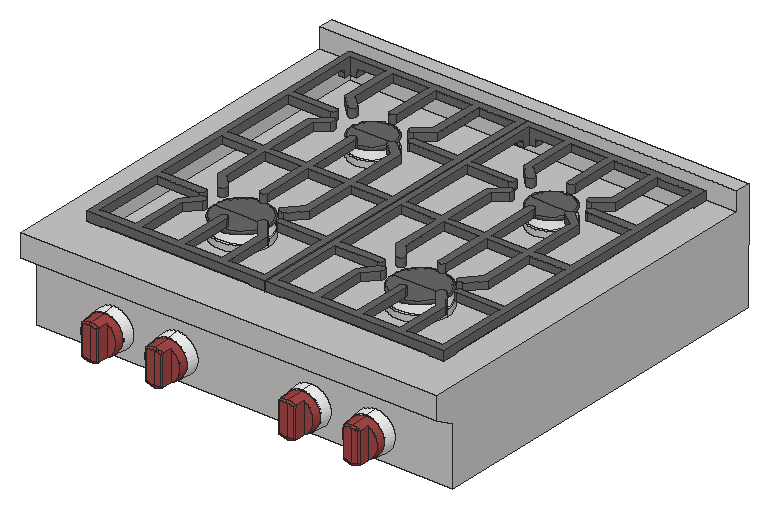
Revit family "M_Fogão de acendimento frontal-750 mm", category Equipamento especial, Revit 2019
Family settings
  Cota do conector redondo = Utilizar diâmetro
  Tipo de parte = Normal
  Número OmniClass = 23.40.40.14
  Título OmniClass = Food Service Equipment
  Com base no plano de trabalho = Não
  Sempre na vertical = Sim
  Corte com vazios quando carregada = Não
  Compartilhado = Não
  Ponto de cálculo do ambiente = Não
Parameters (values of type "Queimadores")
  Largura = 750 mm
  Deslocamento de parede = 0 mm
  Voltagem = 120 V
  Type Comments = ""
  Acabamento da moldura = Eletrodoméstico – Cromado
  Mostrar legenda = yes
  Consumo de energia = 500 VA
  Legenda = "Acendimento frontal"
  Botão = Eletrodoméstico – Plástico – Vermelho
  Altura = 200 mm
  Chapa = Eletrodoméstico – Aço inoxidável – Escovado
  Largura da grelha = (Largura - 107.95 mm) / 2  # 321.025 mm
  Profundidade da grelha = Linear - 109.438 mm  # 590.55 mm
  Descrição = "Acendimento frontal"
  Linear = 699.988 mm
  Queimador = Eletrodoméstico – Tampa do queimador
  Código de montagem = "E1090320"
  Acabamento do eletrodoméstico = Eletrodoméstico – Aço inoxidável – Semipolido
  Amperagem = Consumo de energia / Voltagem  # 4.16667 A
Reference planes
  plane 1 "Parte posterior": y = 0
  plane 2: z = 0
  plane 3 "Centro (Esquerda/Direita)": x = 0
  plane 4 "Esquerda": x = -375
  plane 5 "Direita": x = 375
  plane 6: y = 0
  plane 7 "Aresta": y = -699.988
  plane 8 "Traseira da porta": y = -615.988
  plane 9 "Superior": z = 200
  plane 10 "Queimador": z = 165
  plane 11 "Puxador": z = 0
  plane 12 "Botões": z = 44.725
  plane 13 "Face da porta": y = -663.988
  plane 14 "Rodas": y = -120
  plane 15: x = 319.438
  plane 16 "3": x = -322.612
  plane 17: x = 191.028
  plane 18: x = -194.202
  plane 19: x = -375
  plane 20: x = -65.792
  plane 21: x = 62.618
  plane 22: x = -235.3
  plane 23: x = -119.909
  plane 24: x = 235.3
  plane 25: x = 119.909
  plane 26: x = 101.334
  plane 27: z = 133.06
  plane 28: x = -375
  plane 29: x = 0
  plane 30: y = -953.988
  plane 31: x = 283.369
  plane 32 "1": x = -108.596
  plane 33: x = 127.413
  plane 34 "2": x = 105.421
  plane 35: x = 193.675
  plane 36: x = -20.406
  plane 37: x = 17.231
  plane 38: x = 63.5
Forms (mm)
  Extrusion 1, void
    sketch origin (0, 0, 200) x (-1, 0, 0) y (0, -1, 0)
      loop
        line (322.612, 25.4) -> (322.612, 615.988) -> (-319.438, 615.988) -> (-319.438, 25.4) -> (322.612, 25.4)
    from 0 to -66.94
  Extrusion 2, solid, material "Eletrodoméstico – Aço inoxidável – Semipolido" <- "Acabamento do eletrodoméstico"
    sketch origin (0, 0, 0) x (0, 1, 0) y (0, 0, 1)
      loop
        line (-25.4, 200) -> (-25.4, 165) -> (-699.988, 165) -> (-699.988, 125) -> (-663.988, 105) -> (-663.988, 0) -> (0, 0) -> (0, 200) -> (-25.4, 200)
    from -375 to 375
Cuts and joins
  Extrusion 1 cuts Extrusion 2
Lines and regions (mm)
  Split face 1
    outline origin (375, -663.988, 0) x (0, 1, 0) y (-1, 0, 0)
      loop
        circle (605.234, 64.794) r 12.7
  Split face 2
    outline origin (375, -663.988, 0) x (0, 1, 0) y (-1, 0, 0)
      loop
        circle (606.533, 159.345) r 12.7
Dimensions and locks
  equal spacing: plane 4 "Esquerda", plane 3 "Centro (Esquerda/Direita)", plane 5 "Direita"
  "Largura": plane 4 "Esquerda" to plane 5 "Direita"
  "Linear": plane 6 to plane 7 "Aresta"
  "Deslocamento de parede": plane 1 "Parte posterior" to plane 6
  locked: plane 8 "Traseira da porta" to plane 7 "Aresta" at 84
  locked: plane 9 "Superior" to plane 10 "Queimador" at 35
  plane 11 "Puxador" to level = 0 mm
  locked: plane 10 "Queimador" to plane 12 "Botões" at 120.275
  locked: plane 6 to Extrusion 2 sketch curve at 25.4
  plane 6 to Extrusion 1 sketch curve = 25.4 mm
  locked: plane 7 "Aresta" to plane 13 "Face da porta" at 36
  plane 6 to plane 14 "Rodas" = 120 mm
  locked: plane 15 to plane 5 "Direita" at 55.562
  plane 4 "Esquerda" to plane 16 "3" = 52.388 mm
  "Largura": plane 5 "Direita" to plane 19
  equal spacing: plane 16 "3", plane 18, plane 20, plane 21, plane 17, plane 15
  plane 23 to plane 22 to plane 4 "Esquerda" = 115.391 mm locked, 139.7 mm locked
  plane 5 "Direita" to plane 24 to plane 25 = 139.7 mm locked, 115.391 mm locked
  locked: plane 17 to plane 26 at 89.694
  locked: plane 9 "Superior" to plane 27 at 66.94
  equal spacing: plane 4 "Esquerda", plane 28, plane 19
  equal spacing: plane 19, plane 29, plane 5 "Direita"
  locked: plane 7 "Aresta" to plane 30 at 254
  plane 16 "3" to plane 32 "1" to plane 33 to plane 15 = 214.017 mm, 236.008 mm, 192.025 mm  (x2)
  plane 22 to plane 23 = 115.391 mm
  equal spacing: plane 16 "3", plane 32 "1", plane 34 "2", plane 15
  locked: plane 28 to plane 16 "3" at 52.388
  "Altura": plane 9 "Superior" to plane 11 "Puxador"
  aligned and locked: plane 2 to level
  aligned and locked: plane 9 "Superior" to Extrusion 2 sketch curve
  aligned and locked: plane 5 "Direita" to Extrusion 2
  aligned and locked: Extrusion 2 to plane 4 "Esquerda"
  aligned and locked: Extrusion 2 sketch curve to plane 13 "Face da porta"
  aligned and locked: plane 7 "Aresta" to Extrusion 2 sketch curve
  aligned and locked: plane 10 "Queimador" to Extrusion 2 sketch curve
  aligned and locked: Extrusion 2 sketch curve to plane 6
  aligned and locked: plane 13 "Face da porta" to nested 2
  aligned and locked: plane 13 "Face da porta" to nested 3
  aligned and locked: nested 2 to plane 12 "Botões"
  aligned and locked: nested 3 to plane 12 "Botões"
  aligned and locked: plane 13 "Face da porta" to nested 4
  aligned and locked: nested 4 to plane 12 "Botões"
  aligned and locked: plane 16 "3" to Extrusion 1 sketch curve
  aligned and locked: Extrusion 1 sketch curve to plane 15
  aligned and locked: nested 5 to plane 8 "Traseira da porta"
  aligned and locked: nested 6 to plane 12 "Botões"
  aligned and locked: nested 6 to plane 13 "Face da porta"
  aligned and locked: plane 22 to nested 4
  aligned and locked: plane 23 to nested 3
  aligned and locked: plane 24 to nested 6
  aligned and locked: plane 25 to nested 2
  aligned and locked: plane 27 to nested 5
  aligned and locked: nested 1 to plane 30
  aligned and locked: nested 5 to plane 16 "3"
  aligned and locked: plane 8 "Traseira da porta" to nested 7
  aligned and locked: plane 27 to nested 7
  aligned and locked: nested 7 to plane 15
  aligned and locked: plane 3 "Centro (Esquerda/Direita)" to nested 1
  aligned and locked: Extrusion 2 sketch curve to plane 11 "Puxador"
  aligned and locked: plane 11 "Puxador" to plane 2
Automatic sketch dimensions
  Extrusion 1 sketch curve to plane 8 "Traseira da porta" = 0 mm
  Extrusion 2 sketch curve to plane 27 = 28.06 mm
  Extrusion 2 sketch curve to plane 27 = 8.06 mm
  Split face 1 sketch curve to cut or joined group of Extrusion 1, Extrusion 2 = 58.754 mm
  Split face 1 sketch curve to cut or joined group of Extrusion 1, Extrusion 2 = 64.794 mm
  Split face 2 sketch curve to cut or joined group of Extrusion 1, Extrusion 2 = 57.456 mm
  Split face 2 sketch curve to cut or joined group of Extrusion 1, Extrusion 2 = 159.345 mm
  radius of Split face 1 sketch curve = 12.7 mm
  radius of Split face 2 sketch curve = 12.7 mm
Nested families
  nested 1: "Anotação de legenda de 2,5" at (0, -953.988, 0), visible <- "Mostrar legenda", type "Anotação de legenda de 2,5"
  nested 2: "M_Botão" at (119.909, -663.988, 44.725), type "M_Botão", detail levels medium+fine
  nested 3: "M_Botão" at (-119.909, -663.988, 44.725), type "M_Botão", detail levels medium+fine
  nested 4: "M_Botão" at (-235.3, -663.988, 44.725), type "M_Botão", detail levels medium+fine
  nested 5: "M_Superfície do fogão" at (-161.931, -320.713, 133.06), type "M_Queimadores"
  nested 6: "M_Botão" at (235.3, -663.988, 44.725), type "M_Botão", detail levels medium+fine
  nested 7: "M_Superfície do fogão" at (159.094, -320.713, 133.06), type "M_Queimadores"
Connectors
  electrical at (310.206, -58.754, 0), driven by "Voltagem", driven by "Consumo de energia"
    settings: on cut or joined group of Extrusion 1, Extrusion 2, index 1, voltage 120 V, apparent load 500 VA, apparent load phase1 0 VA, apparent load phase2 0 VA, apparent load phase3 0 VA, power factor 1, load classification "Eletrodoméstico", number of poles 1, system type 30, power factor state 1, is connector primary yes, connector utility no, sub classification motor no, connector description "Potência do fogão de acendimento frontal"
  piping at (215.655, -57.456, 0), diameter 12.7
    settings: on cut or joined group of Extrusion 1, Extrusion 2, index 2, connector inside diameter 609.6 mm, connector length 0 mm, flow factor 0, pipe flow 0.0 L/s, pressure drop 0.0 Pa, fitting loss kfactor 0, connector angle 0.00°, fixture units 0, engagement length 0 mm, angle of deflection 0.00°, flow configuration 1, flow direction 1, fitting loss method 0, system type 22, joint type 0, gender type 0, connector reference index -1, connector utility 0, adjustable connector no, is connector primary yes, connector description "Fogão a gás de acendimento frontal"
Definition of nested family "M_Botão"
  Parameters (values of type "Botão")
    Material = none
    Material da moldura = none
  Reference planes
    plane 1 "Centro (Frente/Trás)": y = 0
    plane 2: z = 0
    plane 3 "Centro (Esquerda/Direita)": x = 0
    plane 4: y = -35
    plane 5: y = -55
  Forms (mm)
    Revolve 1, solid, material <- "Material"
      sketch origin (0, 0, 0) x (0, 1, 0) y (0, 0, 1)
        loop
          line (0, 35) -> (-20, 33) -> (-20, 32) -> (-52.687, 31.066)
          arc (-52.687, 31.066) -> (-54.326, 30.345) -> (-55, 28.686) r 2.381
          line (-55, 28.686) -> (-55, 0) -> (0, 0) -> (0, 35)
        axis (0, 0) -> (-55, 0)
      angle from 0 to 360
    Extrusion 2, void
      sketch origin (0, 0, 0) x (1, 0, 0) y (0, 1, 0)
        loop
          line (31.571, -35) -> (15, -35) -> (15, -52.619)
          arc (15, -52.619) -> (14.303, -54.303) -> (12.619, -55) r 2.381
          line (12.619, -55) -> (31.571, -55) -> (31.571, -35)
        loop
          line (-31.571, -35) -> (-31.571, -55) -> (-12.619, -55)
          arc (-12.619, -55) -> (-14.303, -54.303) -> (-15, -52.619) r 2.381
          line (-15, -52.619) -> (-15, -35) -> (-31.571, -35)
      from -34.753 to 36.709
  Cuts and joins
    Extrusion 2 cuts Revolve 1
  Dimensions and locks
    plane 5 to plane 4 to plane 1 "Centro (Frente/Trás)" = 20 mm locked, 35 mm locked
    aligned and locked: plane 2 to level
    aligned and locked: Revolve 1 sketch curve to level
    aligned and locked: plane 4 to Extrusion 2 sketch curve
    aligned and locked: Extrusion 2 sketch curve to plane 5
Definition of nested family "M_Superfície do fogão"
  Parameters (values of type "Queimadores")
    Mostrar grelha = yes
    Mostrar base = no
    Tem grelhador = no
    Tem chapa = no
    Extensão direita da chapa = 3 mm
    Extensão esquerda da chapa = 3 mm
    Chapa = none
    Largura da grelha = 320 mm
    Espessura da grelha = 12.5 mm
    Profundidade da grelha = 590 mm
    Grelha = none
    Queimador = none
    Tem queimadores = yes
    Mostrar queimadores = yes
  Reference planes
    plane 1 "Centro (Frente/Trás)": y = 0
    plane 2 "Inferior": z = 0
    plane 3 "Centro (Esquerda/Direita)": x = -0.169
    plane 4 "Queimador T.O.": z = 34.091
    plane 5 "Queimador posterior": y = 147.5
    plane 6 "Queimador frontal": y = -147.5
    plane 7: z = 61.94
    plane 8 "Grelha B.O.": z = 0
    plane 9 "Painel T.O.": z = 19.5
    plane 10 "Parte posterior": y = 295
    plane 11 "Parte frontal": y = -295
    plane 12 "Esquerda": x = -160.169
    plane 13 "Direita": x = 159.831
    plane 14 "Parte inferior da superfície": z = 47.709
    plane 15: x = -83.344
    plane 16: x = 70.306
    plane 17: x = 147.131
    plane 18: x = -147.469
    plane 19: y = 280.712
    plane 20: y = 153.85
    plane 21: y = 6.35
    plane 22: y = -6.35
    plane 23: y = -280.712
    plane 24: x = -70.644
    plane 25: x = 83.006
    plane 26: x = -6.916
    plane 27: x = 6.181
    plane 28: y = 141.15
    plane 29: y = -141.15
    plane 30: y = -153.85
    plane 31: x = -157.169
    plane 32: x = 156.831
  Forms (mm)
    Extrusion 1, void
      sketch origin (433.841, 349.972, -848.839) x (1, 0, 0) y (0, 0, 1)
        loop
          arc (-299.41, 876.58) -> (-301.27, 881.07) -> (-305.76, 882.93) r 6.35
          line (-305.76, 882.93) -> (-562.26, 882.93)
          arc (-562.26, 882.93) -> (-566.75, 881.07) -> (-568.61, 876.58) r 6.35
          line (-568.61, 876.58) -> (-568.61, 868.339) -> (-299.41, 868.339) -> (-299.41, 876.58)
      from 54.697 to 694.851
    Extrusion 2, void
      sketch origin (433.841, 349.972, -848.839) x (0, 1, 0) y (0, 0, 1)
        loop
          arc (-80.372, 876.58) -> (-82.232, 881.07) -> (-86.722, 882.93) r 6.35
          line (-86.722, 882.93) -> (-613.222, 882.93)
          arc (-613.222, 882.93) -> (-617.712, 881.07) -> (-619.572, 876.58) r 6.35
          line (-619.572, 876.58) -> (-619.572, 868.339) -> (-80.372, 868.339) -> (-80.372, 876.58)
      from -594.01 to -274.01
    Revolve 3, solid, material <- "Queimador", visible <- "Mostrar queimadores"
      sketch origin (1.587, 147.5, -848.839) x (1, 0, 0) y (0, 0, 1)
        loop
          line (-1.756, 848.839) -> (-1.756, 882.247) -> (-39.029, 882.247)
          arc (-39.029, 882.247) -> (-40.942, 880.334) -> (-39.029, 878.422) r 1.913
          line (-39.029, 878.422) -> (-36.225, 878.422) -> (-38.898, 862.695) -> (-40.825, 860.127) -> (-40.825, 848.839) -> (-1.756, 848.839)
        axis (-1.756, 882.247) -> (-1.756, 848.839)
      angle from 0 to 360
    Revolve 4, solid, material <- "Queimador", visible <- "Mostrar queimadores"
      sketch origin (0, -147.5, -848.839) x (1, 0, 0) y (0, 0, 1)
        loop
          line (-0.169, 848.839) -> (-0.169, 882.247) -> (-48.158, 882.247)
          arc (-48.158, 882.247) -> (-50.07, 880.334) -> (-48.158, 878.422) r 1.913
          line (-48.158, 878.422) -> (-45.353, 878.422) -> (-48.026, 862.695) -> (-49.953, 860.127) -> (-49.953, 848.839) -> (-0.169, 848.839)
        axis (-0.169, 882.247) -> (-0.169, 848.839)
      angle from 0 to 360
    Extrusion 5, solid, material <- "Grelha", visible <- "Mostrar base", detail levels medium+fine
      sketch origin (0, 0, 19.5) x (-1, 0, 0) y (0, -1, 0)
        loop
          line (160.169, -295) -> (160.169, 295) -> (-159.831, 295) -> (-159.831, -295) -> (160.169, -295)
        loop
          line (139.335, -274.166) -> (139.335, 274.166) -> (-139.194, 274.166) -> (-139.194, -274.166) -> (139.335, -274.166)
      from 0 to 28.209
    Extrusion 6, solid, material <- "Grelha", visible <- "Tem grelhador"
      sketch origin (0, 0, 0) x (1, 0, 0) y (0, 0, 1)
        loop
          line (-160.169, 47.709) -> (-149.329, 47.709) -> (-149.329, 57.45) -> (-153.819, 61.94) -> (-160.169, 61.94) -> (-160.169, 47.709)
        loop
          line (4.678, 47.709) -> (4.678, 61.94) -> (-5.016, 61.94) -> (-5.016, 47.709) -> (4.678, 47.709)
        loop
          line (-14.709, 47.709) -> (-14.709, 61.94) -> (-24.402, 61.94) -> (-24.402, 47.709) -> (-14.709, 47.709)
        loop
          line (-34.096, 47.709) -> (-34.096, 61.94) -> (-43.789, 61.94) -> (-43.789, 47.709) -> (-34.096, 47.709)
        loop
          line (-53.482, 47.709) -> (-53.482, 61.94) -> (-63.176, 61.94) -> (-63.176, 47.709) -> (-53.482, 47.709)
        loop
          line (-72.869, 47.709) -> (-72.869, 61.94) -> (-82.562, 61.94) -> (-82.562, 47.709) -> (-72.869, 47.709)
        loop
          line (-92.256, 47.709) -> (-92.256, 61.94) -> (-101.949, 61.94) -> (-101.949, 47.709) -> (-92.256, 47.709)
        loop
          line (-111.642, 47.709) -> (-111.642, 61.94) -> (-121.335, 61.94) -> (-121.335, 47.709) -> (-111.642, 47.709)
        loop
          line (-131.029, 47.709) -> (-131.029, 61.94) -> (-140.722, 61.94) -> (-140.722, 47.709) -> (-131.029, 47.709)
        loop
          line (159.831, 47.709) -> (159.831, 61.94) -> (153.481, 61.94) -> (148.991, 57.45) -> (148.991, 47.709) -> (159.831, 47.709)
        loop
          line (14.371, 47.709) -> (24.064, 47.709) -> (24.064, 61.94) -> (14.371, 61.94) -> (14.371, 47.709)
        loop
          line (33.758, 47.709) -> (43.451, 47.709) -> (43.451, 61.94) -> (33.758, 61.94) -> (33.758, 47.709)
        loop
          line (53.144, 47.709) -> (62.838, 47.709) -> (62.838, 61.94) -> (53.144, 61.94) -> (53.144, 47.709)
        loop
          line (72.531, 47.709) -> (82.224, 47.709) -> (82.224, 61.94) -> (72.531, 61.94) -> (72.531, 47.709)
        loop
          line (91.918, 47.709) -> (101.611, 47.709) -> (101.611, 61.94) -> (91.918, 61.94) -> (91.918, 47.709)
        loop
          line (111.304, 47.709) -> (120.997, 47.709) -> (120.997, 61.94) -> (111.304, 61.94) -> (111.304, 47.709)
        loop
          line (130.691, 47.709) -> (140.384, 47.709) -> (140.384, 61.94) -> (130.691, 61.94) -> (130.691, 47.709)
      from -295 to 295
    Extrusion 7, solid, material <- "Chapa", visible <- "Tem chapa"
      sketch origin (0, 0, 19.5) x (-1, 0, 0) y (0, -1, 0)
        loop
          line (160.169, -295) -> (160.169, 295) -> (-159.831, 295) -> (-159.831, -295) -> (160.169, -295)
      from 0 to 42.44
    Extrusion 8, void
      sketch origin (-0.169, 0, 0) x (0, 1, 0) y (0, 0, 1)
        loop
          line (291.825, 61.94) -> (-291.825, 61.94) -> (-291.825, 34.091) -> (-247.375, 34.091) -> (-247.375, 47.709) -> (291.825, 47.709) -> (291.825, 61.94)
      from -157 to 157
    Extrusion 9, solid, material <- "Grelha", visible <- "Mostrar grelha", detail levels fine
      sketch origin (0, 0, 19.5) x (-1, 0, 0) y (0, -1, 0)
        loop
          line (160.169, -295) -> (160.169, 295) -> (-159.831, 295) -> (-159.831, -295) -> (160.169, -295)
        loop
          line (147.469, -280.712) -> (147.469, -153.85) -> (70.644, -153.85)
          arc (70.644, -153.85) -> (64.294, -147.5) -> (70.644, -141.15) r 6.35
          line (70.644, -141.15) -> (147.469, -141.15) -> (147.469, -6.35) -> (83.344, -6.35) -> (83.344, -106.029) -> (61.166, -127.936)
          arc (61.166, -127.936) -> (51.063, -127.936) -> (51.063, -117.833) r 7.144
          line (51.063, -117.833) -> (70.644, -100.11) -> (70.644, -6.35) -> (6.916, -6.35) -> (6.916, -100.995)
          arc (6.916, -100.995) -> (0.367, -107.544) -> (-6.181, -100.995) r 6.548
          line (-6.181, -100.995) -> (-6.181, -6.35) -> (-70.306, -6.35) -> (-70.306, -100.11) -> (-47.55, -117.833)
          arc (-47.55, -117.833) -> (-47.55, -127.936) -> (-57.653, -127.936) r 7.144
          line (-57.653, -127.936) -> (-83.006, -106.029) -> (-83.006, -6.35) -> (-147.327, -6.35) -> (-147.327, -141.15) -> (-70.306, -141.15)
          arc (-70.306, -141.15) -> (-63.956, -147.5) -> (-70.306, -153.85) r 6.35
          line (-70.306, -153.85) -> (-147.327, -153.85) -> (-147.327, -280.712) -> (-83.006, -280.712) -> (-83.006, -188.971) -> (-57.653, -167.064)
          arc (-57.653, -167.064) -> (-47.55, -167.064) -> (-47.55, -177.167) r 7.144
          line (-47.55, -177.167) -> (-70.306, -194.89) -> (-70.306, -280.712) -> (-6.181, -280.712) -> (-6.181, -194.005)
          arc (-6.181, -194.005) -> (0.367, -187.456) -> (6.916, -194.005) r 6.548
          line (6.916, -194.005) -> (6.916, -280.712) -> (70.644, -280.712) -> (70.644, -194.89) -> (51.063, -177.167)
          arc (51.063, -177.167) -> (51.063, -167.064) -> (61.166, -167.064) r 7.144
          line (61.166, -167.064) -> (83.344, -188.971) -> (83.344, -280.712) -> (147.469, -280.712)
        loop
          line (147.469, 280.909) -> (83.344, 280.909) -> (83.344, 187.698) -> (61.166, 160.757)
          arc (61.166, 160.757) -> (51.063, 160.757) -> (51.063, 170.86) r 7.144
          line (51.063, 170.86) -> (70.644, 193.616) -> (70.644, 280.909) -> (6.916, 280.909) -> (6.916, 187.698)
          arc (6.916, 187.698) -> (0.367, 181.149) -> (-6.181, 187.698) r 6.548
          line (-6.181, 187.698) -> (-6.181, 280.909) -> (-70.306, 280.909) -> (-70.306, 199.652) -> (-47.55, 170.86)
          arc (-47.55, 170.86) -> (-47.55, 160.757) -> (-57.653, 160.757) r 7.144
          line (-57.653, 160.757) -> (-83.006, 193.734) -> (-83.006, 280.909) -> (-147.327, 280.909) -> (-147.327, 153.85) -> (-70.306, 153.85)
          arc (-70.306, 153.85) -> (-63.956, 147.5) -> (-70.306, 141.15) r 6.35
          line (-70.306, 141.15) -> (-147.327, 141.15) -> (-147.327, 6.35) -> (-83.006, 6.35) -> (-83.006, 97.576) -> (-57.653, 124.516)
          arc (-57.653, 124.516) -> (-47.55, 124.516) -> (-47.55, 114.414) r 7.144
          line (-47.55, 114.414) -> (-70.306, 91.658) -> (-70.306, 6.35) -> (-6.181, 6.35) -> (-6.181, 96.829)
          arc (-6.181, 96.829) -> (0.367, 103.378) -> (6.916, 96.829) r 6.548
          line (6.916, 96.829) -> (6.916, 6.35) -> (70.644, 6.35) -> (70.644, 91.658) -> (51.063, 114.414)
          arc (51.063, 114.414) -> (51.063, 124.516) -> (61.166, 124.516) r 7.144
          line (61.166, 124.516) -> (83.344, 97.576) -> (83.344, 6.35) -> (147.469, 6.35) -> (147.469, 141.15) -> (70.644, 141.15)
          arc (70.644, 141.15) -> (64.294, 147.5) -> (70.644, 153.85) r 6.35
          line (70.644, 153.85) -> (147.469, 153.85) -> (147.469, 280.909)
      from 0 to 28.209
  Cuts and joins
    Extrusion 1, Extrusion 2, Extrusion 8 cuts Extrusion 5
    Extrusion 8 cuts Extrusion 7
    Extrusion 1, Extrusion 2 cuts Extrusion 9
  Dimensions and locks
    equal spacing: plane 10 "Parte posterior", plane 5 "Queimador posterior", plane 1 "Centro (Frente/Trás)", plane 6 "Queimador frontal", plane 11 "Parte frontal"
    "Profundidade da grelha": plane 10 "Parte posterior" to plane 11 "Parte frontal"
    equal spacing: plane 12 "Esquerda", plane 3 "Centro (Esquerda/Direita)", plane 13 "Direita"
    "Largura da grelha": plane 12 "Esquerda" to plane 13 "Direita"
    locked: plane 7 to plane 14 "Parte inferior da superfície" at 14.231
    locked: Extrusion 5 sketch curve to plane 11 "Parte frontal" at 20.834
    locked: plane 10 "Parte posterior" to Extrusion 5 sketch curve at 20.834
    locked: Extrusion 5 sketch curve to plane 13 "Direita" at 20.637
    locked: plane 12 "Esquerda" to Extrusion 5 sketch curve at 20.834
    locked: plane 12 "Esquerda" to Extrusion 6 sketch curve at 19.447
    locked: Extrusion 6 sketch curve to plane 13 "Direita" at 19.447
    equal spacing: Extrusion 6 sketch curve, Extrusion 6 sketch curve, Extrusion 6 sketch curve, Extrusion 6 sketch curve, Extrusion 6 sketch curve, Extrusion 6 sketch curve, Extrusion 6 sketch curve, Extrusion 6 sketch curve, Extrusion 6 sketch curve, Extrusion 6 sketch curve, Extrusion 6 sketch curve, Extrusion 6 sketch curve, Extrusion 6 sketch curve, Extrusion 6 sketch curve, Extrusion 6 sketch curve, Extrusion 6 sketch curve, Extrusion 6 sketch curve, Extrusion 6 sketch curve, Extrusion 6 sketch curve, Extrusion 6 sketch curve, Extrusion 6 sketch curve, Extrusion 6 sketch curve, Extrusion 6 sketch curve, Extrusion 6 sketch curve, Extrusion 6 sketch curve, Extrusion 6 sketch curve, Extrusion 6 sketch curve, Extrusion 6 sketch curve, Extrusion 6 sketch curve, Extrusion 6 sketch curve
    locked: plane 10 "Parte posterior" to Extrusion 8 sketch curve at 3.175
    locked: Extrusion 8 sketch curve to plane 11 "Parte frontal" at 3.175
    plane 12 "Esquerda" to cut or joined group of Extrusion 7, Extrusion 8 = 3 mm
    cut or joined group of Extrusion 7, Extrusion 8 to plane 13 "Direita" = 3 mm
    locked: plane 15 to plane 24 at 12.7
    locked: plane 16 to plane 25 at 12.7
    plane 26 to plane 27 = 13.097 mm  (x2)
    plane 29 to plane 6 "Queimador frontal" to plane 30 = 6.35 mm locked, 6.35 mm locked
    plane 21 to plane 1 "Centro (Frente/Trás)" to plane 22 = 6.35 mm locked, 6.35 mm locked
    plane 20 to plane 5 "Queimador posterior" to plane 28 = 6.35 mm locked, 6.35 mm locked
    locked: plane 12 "Esquerda" to Extrusion 1 sketch curve at 25.4
    locked: Extrusion 1 sketch curve to plane 13 "Direita" at 25.4
    locked: plane 10 "Parte posterior" to Extrusion 2 sketch curve at 25.4
    locked: Extrusion 2 sketch curve to plane 11 "Parte frontal" at 25.4
    "Extensão esquerda da chapa": plane 12 "Esquerda" to plane 31
    "Extensão direita da chapa": plane 32 to plane 13 "Direita"
    locked: plane 17 to plane 13 "Direita" at 12.7
    locked: plane 12 "Esquerda" to plane 18 at 12.7
    equal spacing: plane 18, plane 24, plane 27, plane 25, plane 13 "Direita"
    locked: plane 10 "Parte posterior" to plane 19 at 14.288
    locked: plane 23 to plane 11 "Parte frontal" at 14.288
    locked: cut or joined group of Extrusion 7, Extrusion 8 to plane 11 "Parte frontal" at 47.625
    plane 12 "Esquerda" to plane 3 "Centro (Esquerda/Direita)" = 160 mm
    plane 3 "Centro (Esquerda/Direita)" to plane 13 "Direita" = 160 mm
    aligned and locked: Revolve 4 to plane 8 "Grelha B.O."
    aligned and locked: Revolve 3 to plane 8 "Grelha B.O."
    aligned and locked: Revolve 4 sketch curve to plane 3 "Centro (Esquerda/Direita)"
    aligned and locked: Revolve 3 sketch curve to plane 3 "Centro (Esquerda/Direita)"
    aligned and locked: plane 9 "Painel T.O." to Extrusion 2 sketch curve
    aligned and locked: Extrusion 1 sketch curve to plane 9 "Painel T.O."
    aligned and locked: Extrusion 5 sketch curve to plane 10 "Parte posterior"
    aligned and locked: plane 13 "Direita" to Extrusion 5 sketch curve
    aligned and locked: plane 11 "Parte frontal" to Extrusion 5 sketch curve
    aligned and locked: Extrusion 5 sketch curve to plane 12 "Esquerda"
    aligned and locked: Extrusion 5 to plane 9 "Painel T.O."
    aligned and locked: cut or joined group of Extrusion 1, Extrusion 2, Extrusion 5, Extrusion 8 to plane 13 "Direita"
    aligned and locked: plane 12 "Esquerda" to cut or joined group of Extrusion 1, Extrusion 2, Extrusion 5, Extrusion 8
    aligned and locked: Extrusion 1 sketch curve to plane 4 "Queimador T.O."
    aligned and locked: plane 4 "Queimador T.O." to Extrusion 2 sketch curve
    aligned and locked: Extrusion 6 sketch curve to plane 7  (x9)
    aligned and locked: plane 7 to Extrusion 6 sketch curve  (x8)
    aligned and locked: Extrusion 6 sketch curve to plane 14 "Parte inferior da superfície"  (x8)
    aligned and locked: plane 14 "Parte inferior da superfície" to Extrusion 6 sketch curve  (x9)
    aligned and locked: Extrusion 6 sketch curve to plane 12 "Esquerda"
    aligned and locked: Extrusion 6 sketch curve to plane 13 "Direita"
    aligned and locked: plane 10 "Parte posterior" to Extrusion 6
    aligned and locked: Extrusion 7 sketch curve to plane 10 "Parte posterior"
    aligned and locked: Extrusion 7 sketch curve to plane 12 "Esquerda"
    aligned and locked: plane 13 "Direita" to Extrusion 7 sketch curve
    aligned and locked: plane 11 "Parte frontal" to Extrusion 7 sketch curve
    aligned and locked: plane 7 to Extrusion 7
    aligned and locked: Extrusion 8 sketch curve to plane 14 "Parte inferior da superfície"
    aligned and locked: plane 7 to Extrusion 8 sketch curve
    aligned and locked: Extrusion 8 sketch curve to plane 4 "Queimador T.O."
    aligned and locked: cut or joined group of Extrusion 7, Extrusion 8 to plane 9 "Painel T.O."
    aligned and locked: plane 18 to Extrusion 9 sketch curve  (x2)
    aligned and locked: Extrusion 9 sketch curve to plane 19  (x4)
    aligned and locked: plane 13 "Direita" to Extrusion 9 sketch curve
    aligned and locked: Extrusion 9 sketch curve to plane 20
    aligned and locked: plane 20 to Extrusion 9 sketch curve
    aligned and locked: Extrusion 9 sketch curve to plane 28
    aligned and locked: plane 28 to Extrusion 9 sketch curve
    aligned and locked: Extrusion 9 sketch curve to plane 29
    aligned and locked: plane 30 to Extrusion 9 sketch curve
    aligned and locked: plane 29 to Extrusion 9 sketch curve
    aligned and locked: Extrusion 9 sketch curve to plane 30
    aligned and locked: Extrusion 9 to plane 9 "Painel T.O."
    aligned and locked: plane 14 "Parte inferior da superfície" to Extrusion 9
    aligned and locked: plane 32 to Extrusion 8
    aligned and locked: Extrusion 8 to plane 31
    aligned and locked: Extrusion 6 to plane 11 "Parte frontal"
  Automatic sketch dimensions
    Extrusion 2 sketch curve to Extrusion 2 sketch curve = 6.35 mm  (x2)
    Revolve 3 sketch curve to plane 2 "Inferior" = 0 mm
    Revolve 3 sketch curve to plane 3 "Centro (Esquerda/Direita)" = 0 mm
    Revolve 3 sketch curve to plane 4 "Queimador T.O." = 4.508 mm
    Revolve 3 sketch curve to plane 3 "Centro (Esquerda/Direita)" = 34.468 mm
    Revolve 3 sketch curve to plane 9 "Painel T.O." = 5.645 mm
    Revolve 3 sketch curve to Revolve 3 sketch curve = 2.673 mm
    Revolve 3 sketch curve to Revolve 3 sketch curve = 2.804 mm
    Revolve 3 sketch curve to plane 9 "Painel T.O." = 8.213 mm
    Revolve 3 sketch curve to Revolve 3 sketch curve = 1.927 mm
    Revolve 3 sketch curve to Revolve 3 sketch curve = 1.913 mm
    Revolve 3 sketch curve to Revolve 3 sketch curve = 5420.839 mm
    plane 7 to Revolve 3 sketch curve = 3642.171 mm
    Revolve 4 sketch curve to plane 2 "Inferior" = 0 mm
    Revolve 4 sketch curve to plane 3 "Centro (Esquerda/Direita)" = 0 mm
    Revolve 4 sketch curve to plane 4 "Queimador T.O." = 4.508 mm
    Revolve 4 sketch curve to plane 3 "Centro (Esquerda/Direita)" = 45.184 mm
    Revolve 4 sketch curve to plane 9 "Painel T.O." = 5.645 mm
    Revolve 4 sketch curve to Revolve 4 sketch curve = 2.673 mm
    Revolve 4 sketch curve to Revolve 4 sketch curve = 2.804 mm
    Revolve 4 sketch curve to plane 9 "Painel T.O." = 8.213 mm
    Revolve 4 sketch curve to Revolve 4 sketch curve = 1.927 mm
    Revolve 4 sketch curve to Revolve 4 sketch curve = 1.913 mm
    Revolve 4 sketch curve to Revolve 4 sketch curve = 5420.839 mm
    plane 7 to Revolve 4 sketch curve = 3642.171 mm
    Extrusion 6 sketch curve to plane 12 "Esquerda" = 6.35 mm
    Extrusion 6 sketch curve to Extrusion 6 sketch curve = 8.607 mm  (x2)
    Extrusion 6 sketch curve to plane 7 = 4.49 mm  (x2)
    Extrusion 6 sketch curve to Extrusion 6 sketch curve = 6.35 mm
    Extrusion 8 sketch curve to Extrusion 8 sketch curve = 44.45 mm
    Extrusion 9 sketch curve to plane 21 = 0 mm  (x4)
    Extrusion 9 sketch curve to plane 22 = 0 mm  (x4)
    Extrusion 9 sketch curve to plane 25 = 0 mm  (x4)
    Extrusion 9 sketch curve to plane 16 = 0 mm  (x6)
    Extrusion 9 sketch curve to plane 27 = 0 mm  (x4)
    Extrusion 9 sketch curve to plane 26 = 0 mm  (x4)
    Extrusion 9 sketch curve to plane 24 = 0 mm  (x6)
    Extrusion 9 sketch curve to plane 15 = 0 mm  (x4)
    Extrusion 9 sketch curve to plane 18 = 0 mm  (x2)
    Extrusion 9 sketch curve to plane 10 "Parte posterior" = 0 mm
    Extrusion 9 sketch curve to plane 12 "Esquerda" = 0 mm
    Extrusion 9 sketch curve to plane 11 "Parte frontal" = 0 mm
    plane 17 to Extrusion 9 sketch curve = 0.196 mm  (x4)
    Extrusion 9 sketch curve to plane 16 = 12.653 mm  (x4)
    Extrusion 9 sketch curve to Extrusion 9 sketch curve = 5.051 mm  (x24)
    Extrusion 9 sketch curve to plane 24 = 19.581 mm  (x4)
    Extrusion 9 sketch curve to Extrusion 9 sketch curve = 41.04 mm  (x2)
    plane 20 to Extrusion 9 sketch curve = 40.155 mm
    Extrusion 9 sketch curve to Extrusion 9 sketch curve = 5.918 mm  (x8)
    plane 20 to Extrusion 9 sketch curve = 23.317 mm  (x2)
    Extrusion 9 sketch curve to plane 28 = 13.214 mm  (x2)
    Extrusion 9 sketch curve to Extrusion 9 sketch curve = 21.908 mm  (x2)
    Extrusion 9 sketch curve to Extrusion 9 sketch curve = 16.838 mm
    Extrusion 9 sketch curve to Extrusion 9 sketch curve = 49.492 mm  (x2)
    plane 29 to Extrusion 9 sketch curve = 44.321 mm
    plane 29 to Extrusion 9 sketch curve = 26.736 mm  (x2)
    Extrusion 9 sketch curve to plane 30 = 6.907 mm  (x2)
    Extrusion 9 sketch curve to plane 30 = 33.848 mm  (x2)
    Extrusion 9 sketch curve to plane 30 = 39.884 mm
    Extrusion 9 sketch curve to plane 23 = 0.196 mm  (x4)
    Extrusion 1 sketch curve to plane 4 "Queimador T.O." = 6.35 mm
    Extrusion 1 sketch curve to Extrusion 1 sketch curve = 6.35 mm
Definition of nested family "Anotação de legenda de 2,5"
  Parameters
    Legenda = "Congelador 36 LH"
  Reference planes
    plane 1: y = 0
    plane 2: x = 0
  Text (mm)
    label "Legenda" at (0.095, -0.088, 0), shows "Legenda"
